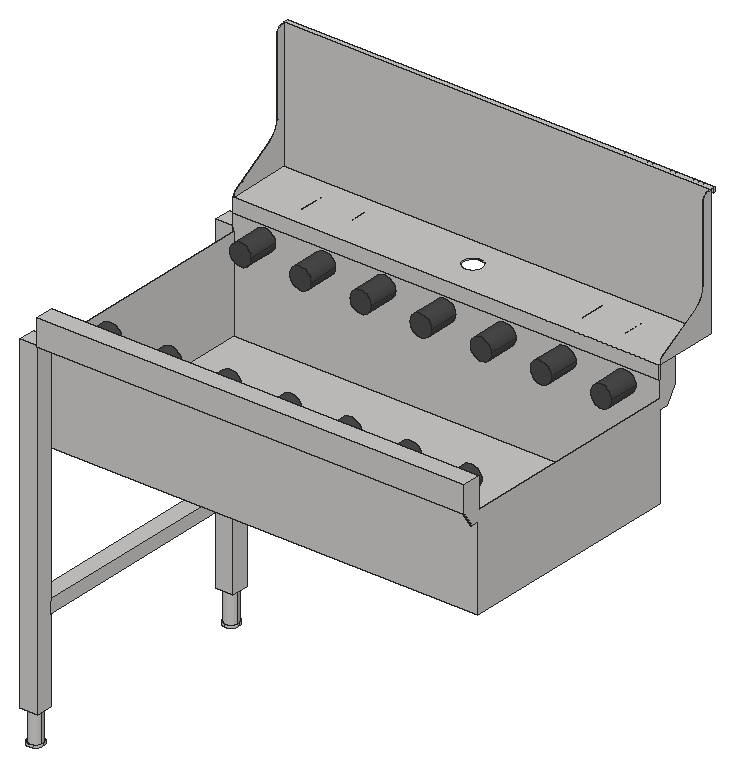
Revit family "QF_ELECTROLUXPROFESSIONAL_863072_HSSRDB10SB", category Specialty Equipment, Revit 2018
Family settings
  Round Connector Dimension = Use Diameter
  Part Type = Normal
  Work Plane-Based = No
  Always vertical = Yes
  Cut with Voids When Loaded = No
  Shared = No
  Room Calculation Point = No
Parameters
  Weight = 0.00 kg
  Watts = 0 W
  Volts = 0 V
  URL Manufacturer = "http://professional.electrolux.com/"
  URL = "http://professional.electrolux.com/"
  Steam Supply Size = 0 mm
  Steam Supply Minimum Pressure = 0.0 Pa
  Steam Supply Maximum Pressure = 0.0 Pa
  Steam Pounds per Hour = 0
  Refrigeration Suction Line Size = 0 mm
  Refrigeration Liquid Line Size = 0 mm
  Refrigerant Compressor Remote = yes
  Manufacturer = "Electrolux"
  Phase = 0
  Model = "HSSRDB10SB"
  Length Actual = 1000 mm  # constant formula
  Item Number = "863072"
  Hot Water Size = 0 mm
  Height Actual = 1213 mm  # constant formula
  HP = "0 HP"
  Gas Size = 0 mm
  Gas KW = 0
  Gas Input Pressure = 0 W
  Description = "SHORT ROLLER CONVEYOR WITH DEEP BASIN AND SPLASH BACK,  L=1000 MM"
  Depth Actual = 735 mm  # constant formula
  Cycle = 0 Hz
  Condensate Return Size = 0 mm
  Compressed Air Volume = 0.0 L/s
  Compressed Air Size = 0 mm
  Compressed Air Pressure = 0.0 Pa
  Cold Water Size = 0 mm
  Accessory = yes
Reference planes
  plane 1 "Centro (Fronte/Retro)": y = 74.737
  plane 2: z = 0
  plane 3 "LEFT": x = -1038.761
  plane 4 "BACK": y = 499.737
  plane 5 "FRONT": y = -235.263
  plane 6: z = 910
  plane 7 "RIGHT": x = -38.761
  plane 8: x = -538.761
Forms (mm)
  Extrusion 1, solid, material "QF_Finishes_Stainless Steel"
    sketch origin (0, 74.737, 0) x (1, 0, 0) y (0, 0, 1)
      loop
        line (-1079.929, 300) -> (-1079.929, 270) -> (-1039.929, 270) -> (-1039.929, 300) -> (-1079.929, 300)
    from -266.504 to 266.46
  Extrusion 2, solid, material "QF_Finishes_Stainless Steel"
    sketch origin (11.239, 0, 0) x (0, 1, 0) y (0, 0, 1)
      loop
        line (-235.263, 910) -> (-235.263, 850.033) -> (-190.242, 850.033) -> (-190.242, 910) -> (-235.263, 910)
      loop
        line (384.737, 910) -> (339.716, 910) -> (339.716, 850.033) -> (384.737, 850.033) -> (384.737, 910)
    from -1048.8 to -51.2
  Extrusion 3, solid, material "QF_Finishes_Stainless Steel"
    sketch origin (11.239, 0, 0) x (0, 1, 0) y (0, 0, 1)
      loop
        line (-191.727, 850.033) -> (-191.727, 618.033) -> (341.245, 618.033) -> (341.245, 850.033) -> (339.716, 850.033) -> (339.716, 621.033) -> (-190.242, 621.033) -> (-190.242, 850.033) -> (-191.727, 850.033)
    from -1048.8 to -51.2
  Extrusion 4, solid, material "QF_Finishes_Stainless Steel"
    sketch origin (1261.239, 723.253, 4000) x (0, 1, 0) y (0, 0, 1)
      loop
        line (-958.516, -3090) -> (-958.516, -3149.967) -> (-934.752, -3185.632) -> (-914.981, -3185.632) -> (-914.981, -3381.967) -> (-382.009, -3381.967) -> (-382.009, -3185.632) -> (-362.281, -3185.632) -> (-338.516, -3149.967) -> (-338.516, -3090) -> (-383.538, -3090) -> (-383.538, -3161.926) -> (-913.495, -3161.926) -> (-913.495, -3090) -> (-958.516, -3090)
    from -1300 to -1301.2
  Revolve 5, solid, material "QF_Finishes_Stainless Steel"
    sketch origin (-538.761, 0, 0) x (0, 1, 0) y (0, 0, 1)
      loop
        line (74.737, 618.033) -> (-1.756, 618.033) -> (-1.756, 601.823) -> (0.354, 601.823)
        arc (0.354, 601.823) -> (3.64, 597.973) -> (0.351, 594.125) r 3.897
        line (0.351, 594.125) -> (-1.756, 594.125) -> (-1.756, 551.31)
        arc (-1.756, 551.31) -> (8.91, 520.632) -> (36.296, 503.17) r 49.497
        line (36.296, 503.17) -> (36.296, 500.684) -> (37.487, 497.398) -> (51.25, 491.407) -> (51.25, 455.535) -> (52.727, 454.059) -> (74.737, 454.059) -> (74.737, 618.033)
      axis (74.737, 454.059) -> (74.737, 618.033)
    angle from 0 to 360
  Extrusion 6, solid, material "QF_Finishes_Stainless Steel"
    sketch origin (-537.561, 723.253, 4000) x (0, 1, 0) y (0, 0, 1)
      loop
        line (-958.516, -3090) -> (-958.516, -3149.967) -> (-914.981, -3149.967) -> (-914.981, -3381.967) -> (-382.009, -3381.967) -> (-382.009, -3149.967) -> (-338.516, -3149.967) -> (-338.516, -3090) -> (-383.538, -3090) -> (-383.538, -3161.926) -> (-913.495, -3161.926) -> (-913.495, -3090) -> (-958.516, -3090)
    from -500 to -501.2
  Extrusion 7, solid, material "QF_Finishes_Black"
    sketch origin (0, 74.737, 0) x (1, 0, 0) y (0, 0, 1)
      loop
        circle (-961.28, 850.115) r 25
      loop
        circle (-820.441, 850.115) r 25
      loop
        circle (-397.921, 850.115) r 25
      loop
        circle (-257.082, 850.115) r 25
      loop
        circle (-116.242, 850.115) r 25
      loop
        circle (-538.761, 850.115) r 25
      loop
        circle (-679.601, 850.115) r 25
    from 190.58 to 260.534
  Extrusion 8, solid, material "QF_Finishes_Stainless Steel"
    sketch origin (-239.961, 342.237, 0) x (0, 1, 0) y (0, 0, -1)
      loop
        line (-2.521, -910) -> (-2.521, -879.543) -> (-4.021, -879.543) -> (-4.021, -911.5) -> (145.999, -911.5) -> (145.999, -1213) -> (157.5, -1213) -> (157.5, -1202.537) -> (156, -1202.537) -> (156, -1211.5) -> (147.499, -1211.5) -> (147.499, -910) -> (-2.521, -910)
    from -201.2 to 798.8
  Extrusion 9, solid, material "QF_Finishes_Stainless Steel"
    sketch origin (-915.761, 342.237, 0) x (0, 1, 0) y (0, 0, 1)
      loop
        line (-0.992, 624.033) -> (13.767, 624.033)
        arc (13.767, 624.033) -> (17.303, 625.498) -> (18.768, 629.034) r 5.001
        line (18.768, 629.034) -> (18.768, 745.739) -> (102.636, 891.045) -> (102.636, 910) -> (42.5, 910) -> (42.5, 850.033) -> (-0.992, 850.033) -> (-0.992, 624.033)
    from 0 to 3
  Extrusion 10, solid, material "QF_Finishes_Stainless Steel"
    sketch origin (-818.761, 342.237, 0) x (0, 1, 0) y (0, 0, 1)
      loop
        line (-0.992, 624.033) -> (13.767, 624.033)
        arc (13.767, 624.033) -> (17.303, 625.498) -> (18.768, 629.034) r 5.001
        line (18.768, 629.034) -> (18.768, 745.739) -> (102.636, 891.045) -> (102.636, 910) -> (42.5, 910) -> (42.5, 850.033) -> (-0.992, 850.033) -> (-0.992, 624.033)
    from 0 to 3
  Extrusion 11, solid, material "QF_Finishes_Stainless Steel"
    sketch origin (-205.939, 342.237, 13) x (-1, 0, 0) y (0, 0, 1)
      loop
        line (706.822, 837.033) -> (612.822, 837.033) -> (612.822, 611.033) -> (706.822, 611.033) -> (706.822, 837.033)
    from -0.992 to 1.008
  Extrusion 12, solid, material "QF_Finishes_Stainless Steel"
    sketch origin (-39.961, 342.237, 0) x (0, 1, 0) y (0, 0, -1)
      loop
        line (1.051, -911.5) -> (1.051, -914.619)
        arc (1.051, -914.619) -> (2.37, -919.604) -> (6.004, -923.263) r 9.963
        line (6.004, -923.263) -> (100.988, -978.112)
        arc (100.988, -978.112) -> (119.305, -996.412) -> (126.02, -1021.418) r 50.023
        line (126.02, -1021.418) -> (126.02, -1196.012)
        arc (126.02, -1196.012) -> (130.414, -1206.62) -> (141.022, -1211.014) r 15.003
        line (141.022, -1211.014) -> (145.999, -1211.014) -> (145.999, -911.5) -> (1.051, -911.5)
    from -1.2 to 0
  Extrusion 13, solid, material "QF_Finishes_Stainless Steel"
    sketch origin (-1033.961, 342.237, 0) x (0, 1, 0) y (0, 0, -1)
      loop
        line (141.022, -1211.014) -> (145.999, -1211.014) -> (145.999, -911.5) -> (1.051, -911.5) -> (1.051, -914.619)
        arc (1.051, -914.619) -> (2.37, -919.604) -> (6.004, -923.263) r 9.963
        line (6.004, -923.263) -> (100.988, -978.112)
        arc (100.988, -978.112) -> (119.305, -996.412) -> (126.02, -1021.418) r 50.023
        line (126.02, -1021.418) -> (126.02, -1196.012)
        arc (126.02, -1196.012) -> (130.414, -1206.62) -> (141.022, -1211.014) r 15.003
    from 3.6 to 4.8
  Extrusion 14, void
    sketch origin (0, 0, 0) x (1, 0, 0) y (0, 1, 0)
      loop
        circle (-538.761, 417.226) r 22.503
    from 910 to 911.5
  Extrusion 15, solid, material "QF_Finishes_Stainless Steel"
    sketch origin (-361.761, 342.237, 0) x (0, 1, 0) y (0, 0, -1)
      loop
        line (-0.992, -624.033) -> (-0.992, -850.033) -> (42.5, -850.033) -> (42.5, -910) -> (102.636, -910) -> (102.636, -891.045) -> (18.768, -745.739) -> (18.768, -629.034)
        arc (18.768, -629.034) -> (17.303, -625.498) -> (13.767, -624.033) r 5.001
        line (13.767, -624.033) -> (-0.992, -624.033)
    from -200 to -197
  Extrusion 16, solid, material "QF_Finishes_Stainless Steel"
    sketch origin (-458.761, 342.237, 0) x (0, 1, 0) y (0, 0, -1)
      loop
        line (-0.992, -624.033) -> (-0.992, -850.033) -> (42.5, -850.033) -> (42.5, -910) -> (102.636, -910) -> (102.636, -891.045) -> (18.768, -745.739) -> (18.768, -629.034)
        arc (18.768, -629.034) -> (17.303, -625.498) -> (13.767, -624.033) r 5.001
        line (13.767, -624.033) -> (-0.992, -624.033)
    from -200 to -197
  Extrusion 17, solid, material "QF_Finishes_Stainless Steel"
    sketch origin (-1071.583, 342.237, 13) x (1, 0, 0) y (0, 0, -1)
      loop
        line (906.822, -837.033) -> (906.822, -611.033) -> (812.822, -611.033) -> (812.822, -837.033) -> (906.822, -837.033)
    from -0.992 to 1.008
  Extrusion 18, solid, material "QF_Finishes_Black"
    sketch origin (0, 74.737, 0) x (1, 0, 0) y (0, 0, -1)
      loop
        circle (-961.28, -850.115) r 25
      loop
        circle (-820.441, -850.115) r 25
      loop
        circle (-397.921, -850.115) r 25
      loop
        circle (-257.082, -850.115) r 25
      loop
        circle (-116.242, -850.115) r 25
      loop
        circle (-538.761, -850.115) r 25
      loop
        circle (-679.601, -850.115) r 25
    from 190.58 to 260.534
Cuts and joins
  joined: Extrusion 2, Extrusion 3, Extrusion 4, Revolve 5, Extrusion 6
  Extrusion 14 cuts Extrusion 8
  joined: Extrusion 8, Extrusion 9, Extrusion 10, Extrusion 11, Extrusion 12, Extrusion 13, Extrusion 15, Extrusion 16, Extrusion 17
Lines and regions (mm)
  Split face 1
    outline origin (508.239, 339.716, 621.033) x (-1, 0, 0) y (0, -1, 0)
      loop
        circle (1047, 264.904) r 3.016
  Split face 2
    outline origin (508.239, 339.716, 621.033) x (-1, 0, 0) y (0, -1, 0)
      loop
        circle (1047, 264.904) r 52.991
  Split face 3
    outline origin (508.239, 339.716, 621.033) x (-1, 0, 0) y (0, -1, 0)
      loop
        circle (1047, 264.904) r 36.015
  Split face 4
    outline origin (508.239, 339.716, 621.033) x (-1, 0, 0) y (0, -1, 0)
      loop
        circle (1047, 264.904) r 26.027
  Split face 5
    outline origin (508.239, 339.716, 621.033) x (-1, 0, 0) y (0, -1, 0)
      loop
        circle (1047, 264.904) r 9.056
  Masking region 1
    outline origin (0, 0, 0) x (1, 0, 0) y (0, 1, 0)
      loop
        line (-1038.761, 499.737) -> (-1038.761, -235.263) -> (-38.761, -235.263) -> (-38.761, 499.737) -> (-1038.761, 499.737)
  symbolic lines
    curve 1: line (-38.761, 499.737, 0) -> (-1038.761, 499.737, 0)
    curve 2: line (-1038.761, 499.737, 0) -> (-1038.761, -235.263, 0)
    curve 3: line (-1038.761, 339.716, 0) -> (-38.761, 339.716, 0)
    curve 4: line (-1038.761, -235.263, 0) -> (-38.761, -235.263, 0)
    curve 5: line (-38.761, -235.263, 0) -> (-38.761, 499.737, 0)
    curve 6: line (-38.761, -190.242, 0) -> (-1038.761, -190.242, 0)
    curve 7: line (-936.28, -185.797, 0) -> (-986.28, -185.797, 0)
    curve 8: line (-986.28, -185.797, 0) -> (-986.28, -115.842, 0)
    curve 9: line (-986.28, -115.842, 0) -> (-936.28, -115.842, 0)
    curve 10: line (-936.28, -115.842, 0) -> (-936.28, -185.797, 0)
    curve 11: line (-795.441, -185.797, 0) -> (-845.441, -185.797, 0)
    curve 12: line (-845.441, -185.797, 0) -> (-845.441, -115.842, 0)
    curve 13: line (-845.441, -115.842, 0) -> (-795.441, -115.842, 0)
    curve 14: line (-795.441, -115.842, 0) -> (-795.441, -185.797, 0)
    curve 15: line (-654.601, -185.797, 0) -> (-704.601, -185.797, 0)
    curve 16: line (-704.601, -185.797, 0) -> (-704.601, -115.842, 0)
    curve 17: line (-704.601, -115.842, 0) -> (-654.601, -115.842, 0)
    curve 18: line (-654.601, -115.842, 0) -> (-654.601, -185.797, 0)
    curve 19: line (-372.921, -185.797, 0) -> (-422.921, -185.797, 0)
    curve 20: line (-422.921, -185.797, 0) -> (-422.921, -115.842, 0)
    curve 21: line (-422.921, -115.842, 0) -> (-372.921, -115.842, 0)
    curve 22: line (-372.921, -115.842, 0) -> (-372.921, -185.797, 0)
    curve 23: line (-1038.761, 343.288, 0) -> (-1037.561, 343.288, 0)
    curve 24: line (-1037.561, 343.288, 0) -> (-1037.561, 488.236, 0)
    curve 25: line (-1038.761, 488.236, 0) -> (-38.761, 488.236, 0)
    curve 26: line (-39.961, 488.236, 0) -> (-39.961, 343.288, 0)
    curve 27: line (-39.961, 343.288, 0) -> (-38.761, 343.288, 0)
    curve 28: arc (-561.264, 417.226, 0) -> (-538.761, 439.729, 0) -> (-516.258, 417.226, 0) r 22.503
    curve 29: arc (-516.258, 417.226, 0) -> (-538.761, 394.723, 0) -> (-561.264, 417.226, 0) r 22.503
    curve 30: line (-38.761, 74.737, 0) -> (-68.761, 74.737, 0)
    curve 31: line (-1038.761, 74.737, 0) -> (-1008.761, 74.737, 0)
    curve 32: arc (-538.761, 151.231, 0) -> (-462.267, 74.737, 0) -> (-538.761, -1.756, 0) r 76.494
    curve 33: arc (-538.761, -1.756, 0) -> (-615.254, 74.737, 0) -> (-538.761, 151.231, 0) r 76.494
    curve 34: arc (-538.761, 96.747, 0) -> (-560.771, 74.737, 0) -> (-538.761, 52.727, 0) r 22.01
    curve 35: arc (-538.761, 52.727, 0) -> (-516.751, 74.737, 0) -> (-538.761, 96.747, 0) r 22.01
    curve 36: line (-513.761, -185.797, 0) -> (-563.761, -185.797, 0)
    curve 37: line (-563.761, -185.797, 0) -> (-563.761, -115.842, 0)
    curve 38: line (-563.761, -115.842, 0) -> (-513.761, -115.842, 0)
    curve 39: line (-513.761, -115.842, 0) -> (-513.761, -185.797, 0)
    curve 40: line (-232.082, -185.797, 0) -> (-282.082, -185.797, 0)
    curve 41: line (-282.082, -185.797, 0) -> (-282.082, -115.842, 0)
    curve 42: line (-282.082, -115.842, 0) -> (-232.082, -115.842, 0)
    curve 43: line (-232.082, -115.842, 0) -> (-232.082, -185.797, 0)
    curve 44: line (-91.242, -185.797, 0) -> (-141.242, -185.797, 0)
    curve 45: line (-141.242, -185.797, 0) -> (-141.242, -115.842, 0)
    curve 46: line (-141.242, -115.842, 0) -> (-91.242, -115.842, 0)
    curve 47: line (-91.242, -115.842, 0) -> (-91.242, -185.797, 0)
    curve 48: line (-936.28, 335.271, 0) -> (-986.28, 335.271, 0)
    curve 49: line (-986.28, 335.271, 0) -> (-986.28, 265.317, 0)
    curve 50: line (-986.28, 265.317, 0) -> (-936.28, 265.317, 0)
    curve 51: line (-936.28, 265.317, 0) -> (-936.28, 335.271, 0)
    curve 52: line (-795.441, 335.271, 0) -> (-845.441, 335.271, 0)
    curve 53: line (-845.441, 335.271, 0) -> (-845.441, 265.317, 0)
    curve 54: line (-845.441, 265.317, 0) -> (-795.441, 265.317, 0)
    curve 55: line (-795.441, 265.317, 0) -> (-795.441, 335.271, 0)
    curve 56: line (-654.601, 335.271, 0) -> (-704.601, 335.271, 0)
    curve 57: line (-704.601, 335.271, 0) -> (-704.601, 265.317, 0)
    curve 58: line (-704.601, 265.317, 0) -> (-654.601, 265.317, 0)
    curve 59: line (-654.601, 265.317, 0) -> (-654.601, 335.271, 0)
    curve 60: line (-372.921, 335.271, 0) -> (-422.921, 335.271, 0)
    curve 61: line (-422.921, 335.271, 0) -> (-422.921, 265.317, 0)
    curve 62: line (-422.921, 265.317, 0) -> (-372.921, 265.317, 0)
    curve 63: line (-372.921, 265.317, 0) -> (-372.921, 335.271, 0)
    curve 64: line (-513.761, 335.271, 0) -> (-563.761, 335.271, 0)
    curve 65: line (-563.761, 335.271, 0) -> (-563.761, 265.317, 0)
    curve 66: line (-563.761, 265.317, 0) -> (-513.761, 265.317, 0)
    curve 67: line (-513.761, 265.317, 0) -> (-513.761, 335.271, 0)
    curve 68: line (-232.082, 335.271, 0) -> (-282.082, 335.271, 0)
    curve 69: line (-282.082, 335.271, 0) -> (-282.082, 265.317, 0)
    curve 70: line (-282.082, 265.317, 0) -> (-232.082, 265.317, 0)
    curve 71: line (-232.082, 265.317, 0) -> (-232.082, 335.271, 0)
    curve 72: line (-91.242, 335.271, 0) -> (-141.242, 335.271, 0)
    curve 73: line (-141.242, 335.271, 0) -> (-141.242, 265.317, 0)
    curve 74: line (-141.242, 265.317, 0) -> (-91.242, 265.317, 0)
    curve 75: line (-91.242, 265.317, 0) -> (-91.242, 335.271, 0)
Dimensions and locks
  plane 3 "LEFT" to plane 7 "RIGHT" = 1000 mm
  plane 4 "BACK" to plane 1 "Centro (Fronte/Retro)" to plane 5 "FRONT" = 425 mm, 310 mm
  plane 4 "BACK" to plane 5 "FRONT" = 735 mm
  equal spacing: plane 3 "LEFT", plane 8, plane 7 "RIGHT"
  locked: cut or joined group 1 (Extrusion 8, Extrusion 9, Extrusion 10, Extrusion 11, Extrusion 12, Extrusion 13, Extrusion 14, Extrusion 15, Extrusion 16, Extrusion 17) to cut or joined group 1 at 94  (x2)
  equal spacing: cut or joined group 1, plane 8, cut or joined group 1
  locked: cut or joined group 1 to cut or joined group 1 at 3  (x2)
  locked: Extrusion 7 sketch curve to plane 3 "LEFT" at 77.481
  locked: plane 7 "RIGHT" to Extrusion 7 sketch curve at 77.481
  equal spacing: Extrusion 7 sketch curve, Extrusion 7 sketch curve, Extrusion 7 sketch curve, Extrusion 7 sketch curve, Extrusion 7 sketch curve, Extrusion 7 sketch curve, Extrusion 7 sketch curve
  equal spacing: Extrusion 18 sketch curve, Extrusion 18 sketch curve, Extrusion 18 sketch curve, Extrusion 18 sketch curve, Extrusion 18 sketch curve, Extrusion 18 sketch curve, Extrusion 18 sketch curve
  aligned and locked: level to plane 2
  aligned and locked: plane 8 to cut or joined group of Extrusion 2, Extrusion 3, Extrusion 4, Revolve 5, Extrusion 6
  aligned and locked: Extrusion 2 to Extrusion 3
Automatic sketch dimensions
  curve 28 to curve 29 = 0 mm  (x2)
  curve 32 to curve 33 = 0 mm  (x2)
  curve 32 to curve 34 = 0 mm  (x2)
  curve 32 to curve 35 = 0 mm  (x2)
  curve 33 to curve 34 = 0 mm  (x2)
  curve 33 to curve 35 = 0 mm  (x2)
  curve 34 to curve 35 = 0 mm  (x2)
  curve 23 to plane 3 "LEFT" = 0 mm
  plane 1 "Centro (Fronte/Retro)" to curve 31 = 0 mm
  curve 35 to plane 8 = 0 mm
  plane 1 "Centro (Fronte/Retro)" to curve 30 = 0 mm
  curve 27 to plane 7 "RIGHT" = 0 mm
  curve 4 to plane 5 "FRONT" = 0 mm
  plane 1 "Centro (Fronte/Retro)" to curve 32 = 0 mm
  curve 2 to plane 4 "BACK" = 0 mm
  plane 3 "LEFT" to curve 24 = 1.2 mm
  curve 23 to curve 49 = 51.281 mm
  plane 3 "LEFT" to curve 8 = 52.481 mm
  curve 49 to curve 50 = 50 mm
  curve 8 to curve 10 = 50 mm
  curve 50 to curve 54 = 90.84 mm
  curve 9 to curve 13 = 90.84 mm
  curve 53 to curve 54 = 50 mm
  curve 12 to curve 14 = 50 mm
  curve 52 to curve 56 = 90.84 mm
  curve 13 to curve 17 = 90.84 mm
  curve 57 to curve 58 = 50 mm
  curve 15 to curve 18 = 50 mm
  plane 8 to curve 37 = 25 mm
  plane 8 to curve 66 = 25 mm
  plane 8 to curve 28 = 0 mm
  curve 36 to plane 8 = 25 mm
  curve 67 to plane 8 = 25 mm
  curve 38 to curve 20 = 90.84 mm
  curve 66 to curve 62 = 90.84 mm
  curve 61 to curve 62 = 50 mm
  curve 20 to curve 22 = 50 mm
  curve 21 to curve 41 = 90.84 mm
  curve 60 to curve 69 = 90.84 mm
  curve 41 to curve 42 = 50 mm
  curve 68 to curve 71 = 50 mm
  curve 40 to curve 45 = 90.84 mm
  curve 68 to curve 73 = 90.84 mm
  curve 73 to curve 75 = 50 mm
  curve 44 to curve 44 = 50 mm
  curve 26 to plane 7 "RIGHT" = 1.2 mm
  plane 5 "FRONT" to curve 39 = 49.466 mm
  plane 5 "FRONT" to curve 40 = 49.466 mm
  plane 5 "FRONT" to curve 47 = 49.466 mm
  plane 5 "FRONT" to curve 7 = 49.466 mm
  plane 5 "FRONT" to curve 11 = 49.466 mm
  plane 5 "FRONT" to curve 22 = 49.466 mm
  plane 5 "FRONT" to curve 15 = 49.466 mm
  curve 15 to curve 18 = 69.954 mm
  curve 11 to curve 14 = 69.954 mm
  curve 19 to curve 21 = 69.954 mm
  curve 7 to curve 10 = 69.954 mm
  curve 40 to curve 43 = 69.954 mm
  curve 44 to curve 45 = 69.954 mm
  curve 36 to curve 39 = 69.954 mm
  curve 50 to plane 1 "Centro (Fronte/Retro)" = 190.58 mm
  curve 62 to plane 1 "Centro (Fronte/Retro)" = 190.58 mm
  curve 65 to curve 61 = 0 mm
  curve 59 to curve 65 = 0 mm
  curve 62 to curve 69 = 0 mm
  curve 55 to curve 57 = 0 mm
  curve 70 to curve 73 = 0 mm
  curve 49 to curve 49 = 69.954 mm
  curve 54 to curve 52 = 69.954 mm
  curve 73 to curve 73 = 69.954 mm
  curve 58 to curve 56 = 69.954 mm
  curve 70 to curve 71 = 69.954 mm
  curve 62 to curve 60 = 69.954 mm
  curve 66 to curve 67 = 69.954 mm
  curve 48 to curve 23 = 8.018 mm
  curve 72 to curve 26 = 8.018 mm
  curve 29 to plane 4 "BACK" = 82.511 mm
  plane 3 "LEFT" to curve 31 = 30 mm
  curve 28 to curve 28 = 22.503 mm
  curve 30 to plane 7 "RIGHT" = 30 mm
  plane 5 "FRONT" to curve 6 = 45.021 mm
  curve 33 to curve 32 = 76.494 mm
  curve 34 to curve 32 = 22.01 mm
  curve 3 to curve 23 = 3.573 mm
  curve 25 to curve 1 = 11.501 mm
  Extrusion 1 sketch curve to plane 3 "LEFT" = 41.168 mm
  Extrusion 1 sketch curve to plane 3 "LEFT" = 1.168 mm
  level to Extrusion 1 sketch curve = 270 mm
  Extrusion 1 sketch curve to Extrusion 1 sketch curve = 30 mm
  Extrusion 2 sketch curve to plane 5 "FRONT" = 0 mm
  Extrusion 2 sketch curve to plane 6 = 0 mm  (x2)
  plane 5 "FRONT" to Extrusion 2 sketch curve = 45.021 mm
  Extrusion 2 sketch curve to plane 6 = 59.967 mm
  Extrusion 2 sketch curve to plane 4 "BACK" = 160.021 mm
  Extrusion 2 sketch curve to Extrusion 2 sketch curve = 45.021 mm
  Extrusion 2 sketch curve to Extrusion 2 sketch curve = 59.967 mm
  plane 5 "FRONT" to Extrusion 3 sketch curve = 43.536 mm
  Extrusion 3 sketch curve to Extrusion 3 sketch curve = 1.486 mm
  Extrusion 3 sketch curve to plane 6 = 59.967 mm  (x2)
  Extrusion 3 sketch curve to plane 4 "BACK" = 160.021 mm
  Extrusion 3 sketch curve to Extrusion 3 sketch curve = 1.529 mm
  Extrusion 3 sketch curve to plane 6 = 288.967 mm
  Extrusion 3 sketch curve to Extrusion 3 sketch curve = 3 mm
  Extrusion 4 sketch curve to plane 5 "FRONT" = 0 mm
  Extrusion 4 sketch curve to plane 6 = 0 mm  (x2)
  plane 5 "FRONT" to Extrusion 4 sketch curve = 23.764 mm
  plane 5 "FRONT" to Extrusion 4 sketch curve = 43.536 mm
  plane 5 "FRONT" to Extrusion 4 sketch curve = 45.021 mm
  Extrusion 4 sketch curve to plane 6 = 71.926 mm
  Extrusion 4 sketch curve to plane 4 "BACK" = 160.021 mm
  Extrusion 4 sketch curve to plane 4 "BACK" = 158.492 mm
  Extrusion 4 sketch curve to Extrusion 4 sketch curve = 19.728 mm
  Extrusion 4 sketch curve to Extrusion 4 sketch curve = 23.764 mm
  Extrusion 4 sketch curve to Extrusion 4 sketch curve = 23.706 mm  (x2)
  Extrusion 4 sketch curve to Extrusion 4 sketch curve = 196.335 mm
  Extrusion 4 sketch curve to Extrusion 4 sketch curve = 35.665 mm  (x2)
  Revolve 5 sketch curve to plane 1 "Centro (Fronte/Retro)" = 0 mm  (x2)
  plane 1 "Centro (Fronte/Retro)" to Revolve 5 sketch curve = 22.01 mm
  plane 1 "Centro (Fronte/Retro)" to Revolve 5 sketch curve = 23.487 mm
  plane 1 "Centro (Fronte/Retro)" to Revolve 5 sketch curve = 26.996 mm
  Revolve 5 sketch curve to Revolve 5 sketch curve = 13.764 mm
  Revolve 5 sketch curve to Revolve 5 sketch curve = 1.191 mm
  Revolve 5 sketch curve to Revolve 5 sketch curve = 47.387 mm
  Revolve 5 sketch curve to Revolve 5 sketch curve = 0.003 mm
  Revolve 5 sketch curve to Revolve 5 sketch curve = 0.608 mm
  Revolve 5 sketch curve to Revolve 5 sketch curve = 2.107 mm
  Revolve 5 sketch curve to Revolve 5 sketch curve = 2.11 mm
  level to Revolve 5 sketch curve = 454.059 mm
  Revolve 5 sketch curve to Revolve 5 sketch curve = 1.476 mm
  Revolve 5 sketch curve to Revolve 5 sketch curve = 35.872 mm
  Revolve 5 sketch curve to Revolve 5 sketch curve = 5.991 mm
  Revolve 5 sketch curve to Revolve 5 sketch curve = 3.286 mm
  Revolve 5 sketch curve to Revolve 5 sketch curve = 2.486 mm
  Revolve 5 sketch curve to Revolve 5 sketch curve = 48.139 mm
  Revolve 5 sketch curve to Revolve 5 sketch curve = 42.815 mm
  Revolve 5 sketch curve to Revolve 5 sketch curve = 3.849 mm
  Revolve 5 sketch curve to Revolve 5 sketch curve = 66.706 mm
  Revolve 5 sketch curve to Revolve 5 sketch curve = 3 mm
  Revolve 5 sketch curve to Revolve 5 sketch curve = 14.991 mm
  cut or joined group of Extrusion 2, Extrusion 3, Extrusion 4, Revolve 5, Extrusion 6 to Split face 1 sketch curve = 498.8 mm
  cut or joined group of Extrusion 2, Extrusion 3, Extrusion 4, Revolve 5, Extrusion 6 to Split face 1 sketch curve = 264.904 mm
  cut or joined group of Extrusion 2, Extrusion 3, Extrusion 4, Revolve 5, Extrusion 6 to Split face 2 sketch curve = 498.8 mm
  cut or joined group of Extrusion 2, Extrusion 3, Extrusion 4, Revolve 5, Extrusion 6 to Split face 2 sketch curve = 264.904 mm
  cut or joined group of Extrusion 2, Extrusion 3, Extrusion 4, Revolve 5, Extrusion 6 to Split face 3 sketch curve = 498.8 mm
  cut or joined group of Extrusion 2, Extrusion 3, Extrusion 4, Revolve 5, Extrusion 6 to Split face 3 sketch curve = 264.904 mm
  cut or joined group of Extrusion 2, Extrusion 3, Extrusion 4, Revolve 5, Extrusion 6 to Split face 4 sketch curve = 498.8 mm
  cut or joined group of Extrusion 2, Extrusion 3, Extrusion 4, Revolve 5, Extrusion 6 to Split face 4 sketch curve = 264.904 mm
  cut or joined group of Extrusion 2, Extrusion 3, Extrusion 4, Revolve 5, Extrusion 6 to Split face 5 sketch curve = 498.8 mm
  cut or joined group of Extrusion 2, Extrusion 3, Extrusion 4, Revolve 5, Extrusion 6 to Split face 5 sketch curve = 264.904 mm
  Masking region 1 sketch curve to plane 3 "LEFT" = 0 mm
  Masking region 1 sketch curve to plane 5 "FRONT" = 0 mm
  Masking region 1 sketch curve to plane 7 "RIGHT" = 0 mm
  Masking region 1 sketch curve to plane 4 "BACK" = 0 mm
  Extrusion 6 sketch curve to plane 5 "FRONT" = 0 mm
  Extrusion 6 sketch curve to plane 6 = 0 mm  (x2)
  plane 5 "FRONT" to Extrusion 6 sketch curve = 43.536 mm
  plane 5 "FRONT" to Extrusion 6 sketch curve = 45.021 mm
  Extrusion 6 sketch curve to plane 4 "BACK" = 160.021 mm
  Extrusion 6 sketch curve to plane 4 "BACK" = 158.492 mm
  Extrusion 6 sketch curve to Extrusion 6 sketch curve = 43.492 mm
  Extrusion 6 sketch curve to Extrusion 6 sketch curve = 59.967 mm  (x2)
  Extrusion 6 sketch curve to Extrusion 6 sketch curve = 11.959 mm
  Extrusion 6 sketch curve to Extrusion 6 sketch curve = 220.041 mm
  Extrusion 7 sketch curve to plane 6 = 59.885 mm  (x7)
  Extrusion 8 sketch curve to plane 6 = 0 mm
  Extrusion 8 sketch curve to plane 4 "BACK" = 0 mm
  Extrusion 8 sketch curve to plane 4 "BACK" = 1.5 mm
  Extrusion 8 sketch curve to Extrusion 8 sketch curve = 8.501 mm
  Extrusion 8 sketch curve to Extrusion 8 sketch curve = 1.5 mm  (x3)
  Extrusion 8 sketch curve to plane 6 = 30.457 mm
  Extrusion 8 sketch curve to Extrusion 8 sketch curve = 148.52 mm
  plane 6 to Extrusion 8 sketch curve = 1.5 mm
  Extrusion 8 sketch curve to Extrusion 8 sketch curve = 291.037 mm
  Extrusion 8 sketch curve to Extrusion 8 sketch curve = 8.963 mm
  Extrusion 9 sketch curve to plane 6 = 0 mm
  Extrusion 9 sketch curve to plane 4 "BACK" = 158.492 mm
  Extrusion 9 sketch curve to Extrusion 9 sketch curve = 14.759 mm
  Extrusion 9 sketch curve to Extrusion 9 sketch curve = 19.76 mm
  Extrusion 9 sketch curve to Extrusion 9 sketch curve = 43.492 mm
  Extrusion 9 sketch curve to plane 6 = 18.955 mm
  Extrusion 9 sketch curve to plane 4 "BACK" = 54.864 mm
  Extrusion 9 sketch curve to Extrusion 9 sketch curve = 59.967 mm
  Extrusion 9 sketch curve to Extrusion 9 sketch curve = 104.294 mm
  Extrusion 9 sketch curve to Extrusion 9 sketch curve = 116.705 mm
  Extrusion 10 sketch curve to plane 6 = 0 mm
  Extrusion 10 sketch curve to plane 4 "BACK" = 158.492 mm
  Extrusion 10 sketch curve to Extrusion 10 sketch curve = 14.759 mm
  Extrusion 10 sketch curve to Extrusion 10 sketch curve = 19.76 mm
  Extrusion 10 sketch curve to Extrusion 10 sketch curve = 43.492 mm
  Extrusion 10 sketch curve to plane 6 = 18.955 mm
  Extrusion 10 sketch curve to plane 4 "BACK" = 54.864 mm
  Extrusion 10 sketch curve to Extrusion 10 sketch curve = 59.967 mm
  Extrusion 10 sketch curve to Extrusion 10 sketch curve = 104.294 mm
  Extrusion 10 sketch curve to Extrusion 10 sketch curve = 116.705 mm
  Extrusion 11 sketch curve to plane 6 = 59.967 mm
  plane 8 to Extrusion 11 sketch curve = 280 mm
  Extrusion 11 sketch curve to Extrusion 11 sketch curve = 94 mm
  Extrusion 11 sketch curve to Extrusion 11 sketch curve = 225.999 mm
  plane 6 to Extrusion 12 sketch curve = 1.5 mm
  Extrusion 12 sketch curve to plane 4 "BACK" = 156.449 mm
  plane 6 to Extrusion 12 sketch curve = 13.263 mm
  Extrusion 12 sketch curve to Extrusion 12 sketch curve = 4.953 mm
  plane 6 to Extrusion 12 sketch curve = 4.651 mm
  Extrusion 12 sketch curve to Extrusion 12 sketch curve = 5.01 mm
  Extrusion 12 sketch curve to plane 4 "BACK" = 81.503 mm
  Extrusion 12 sketch curve to Extrusion 12 sketch curve = 24.991 mm
  Extrusion 12 sketch curve to plane 4 "BACK" = 31.48 mm
  Extrusion 12 sketch curve to plane 4 "BACK" = 16.478 mm
  Extrusion 12 sketch curve to plane 4 "BACK" = 11.501 mm
  plane 6 to Extrusion 12 sketch curve = 68.112 mm
  Extrusion 12 sketch curve to Extrusion 12 sketch curve = 43.306 mm
  Extrusion 12 sketch curve to Extrusion 12 sketch curve = 174.593 mm
  plane 6 to Extrusion 13 sketch curve = 1.5 mm
  Extrusion 13 sketch curve to plane 4 "BACK" = 156.449 mm
  plane 6 to Extrusion 13 sketch curve = 13.263 mm
  Extrusion 13 sketch curve to Extrusion 13 sketch curve = 4.953 mm
  plane 6 to Extrusion 13 sketch curve = 4.651 mm
  Extrusion 13 sketch curve to Extrusion 13 sketch curve = 5.01 mm
  Extrusion 13 sketch curve to plane 4 "BACK" = 81.503 mm
  Extrusion 13 sketch curve to Extrusion 13 sketch curve = 24.991 mm
  Extrusion 13 sketch curve to plane 4 "BACK" = 31.48 mm
  Extrusion 13 sketch curve to Extrusion 13 sketch curve = 15.003 mm
  Extrusion 13 sketch curve to Extrusion 13 sketch curve = 4.976 mm
  plane 6 to Extrusion 13 sketch curve = 68.112 mm
  Extrusion 13 sketch curve to Extrusion 13 sketch curve = 43.306 mm
  Extrusion 13 sketch curve to Extrusion 13 sketch curve = 174.593 mm
  plane 8 to Extrusion 14 sketch curve = 0 mm
  Extrusion 14 sketch curve to plane 4 "BACK" = 82.511 mm
  Extrusion 15 sketch curve to plane 6 = 0 mm
  Extrusion 15 sketch curve to plane 4 "BACK" = 158.492 mm
  Extrusion 15 sketch curve to Extrusion 15 sketch curve = 14.759 mm
  Extrusion 15 sketch curve to Extrusion 15 sketch curve = 19.76 mm
  Extrusion 15 sketch curve to Extrusion 15 sketch curve = 43.492 mm
  Extrusion 15 sketch curve to plane 6 = 18.955 mm
  Extrusion 15 sketch curve to plane 4 "BACK" = 54.864 mm
  Extrusion 15 sketch curve to plane 6 = 59.967 mm
  Extrusion 15 sketch curve to Extrusion 15 sketch curve = 104.294 mm
  Extrusion 15 sketch curve to Extrusion 15 sketch curve = 116.705 mm
  Extrusion 16 sketch curve to plane 6 = 0 mm
  Extrusion 16 sketch curve to plane 4 "BACK" = 158.492 mm
  Extrusion 16 sketch curve to Extrusion 16 sketch curve = 14.759 mm
  Extrusion 16 sketch curve to Extrusion 16 sketch curve = 19.76 mm
  Extrusion 16 sketch curve to Extrusion 16 sketch curve = 43.492 mm
  Extrusion 16 sketch curve to plane 6 = 18.955 mm
  Extrusion 16 sketch curve to plane 4 "BACK" = 54.864 mm
  Extrusion 16 sketch curve to plane 6 = 59.967 mm
  Extrusion 16 sketch curve to Extrusion 16 sketch curve = 104.294 mm
  Extrusion 16 sketch curve to Extrusion 16 sketch curve = 116.705 mm
  Extrusion 17 sketch curve to plane 6 = 59.967 mm
  Extrusion 17 sketch curve to plane 8 = 280 mm
  Extrusion 17 sketch curve to Extrusion 17 sketch curve = 94 mm
  Extrusion 17 sketch curve to Extrusion 17 sketch curve = 225.999 mm
  plane 3 "LEFT" to Extrusion 18 sketch curve = 77.481 mm
  Extrusion 18 sketch curve to plane 6 = 59.885 mm  (x7)
  Extrusion 18 sketch curve to Extrusion 18 sketch curve = 140.84 mm
  radius of Split face 1 sketch curve = 3.016 mm
  radius of Split face 2 sketch curve = 52.991 mm
  radius of Split face 3 sketch curve = 36.015 mm
  radius of Split face 4 sketch curve = 26.027 mm
  radius of Split face 5 sketch curve = 9.056 mm
  radius of Extrusion 7 sketch curve = 25 mm  (x7)
  radius of Extrusion 14 sketch curve = 22.503 mm
  radius of Extrusion 18 sketch curve = 25 mm  (x7)
Nested families
  nested 1: "Foot_40x40" at (-1059.929, 361.245, 0), type "Foot_40x40"
    with A 850.033 mm
  nested 2: "Foot_40x40" at (-1059.929, -211.771, 0), type "Foot_40x40"
    with A 850.033 mm
Connectors
  piping at (-538.761, 74.737, 454.059), diameter 30
    settings: on cut or joined group of Extrusion 2, Extrusion 3, Extrusion 4, Revolve 5, Extrusion 6, index 1, connector inside diameter 609.6 mm, connector length 0 mm, flow factor 0, pipe flow 0.0 L/s, pressure drop 0.0 Pa, fitting loss kfactor 0, connector angle 0.00°, fixture units 0, engagement length 0 mm, angle of deflection 0.00°, flow configuration 1, flow direction 2, fitting loss method 0, system type 16, joint type 0, gender type 0, connector reference index -1, connector utility 0, adjustable connector no, is connector primary yes, connector description "Drain"
Definition of nested family "Foot_40x40"
  Parameters
    A [instance] = 850 mm
  Reference planes
    plane 1 "Centro (Fronte/Retro)": y = 0
    plane 2: z = 0
    plane 3 "Centro (Sinistra/Destra)": x = 0
    plane 4: z = 850
  Forms (mm)
    Extrusion 1, solid
      sketch origin (0, 0, 0) x (1, 0, 0) y (0, 1, 0)
        loop
          circle (0, 0) r 18
      from 0 to 5
    Extrusion 2, solid
      sketch origin (0, 0, 5) x (1, 0, 0) y (0, 1, 0)
        loop
          circle (0, 0) r 15
      from 0 to 70
    Extrusion 3, solid
      sketch origin (0, 0, 75) x (1, 0, 0) y (0, 1, 0)
        loop
          line (-20, 20) -> (-20, -20) -> (20, -20) -> (20, 20) -> (-20, 20)
      from 0 to 775
  Dimensions and locks
    "A": plane 4 to plane 2
    aligned and locked: level to plane 2
    aligned and locked: plane 4 to Extrusion 3
    aligned and locked: Extrusion 1 to level
  Automatic sketch dimensions
    plane 1 "Centro (Fronte/Retro)" to Extrusion 1 sketch curve = 0 mm
    Extrusion 1 sketch curve to plane 3 "Centro (Sinistra/Destra)" = 0 mm
    Extrusion 3 sketch curve to Extrusion 3 sketch curve = 40 mm  (x2)
    radius of Extrusion 1 sketch curve = 18 mm
    radius of Extrusion 2 sketch curve to Extrusion 1 = 3 mm
